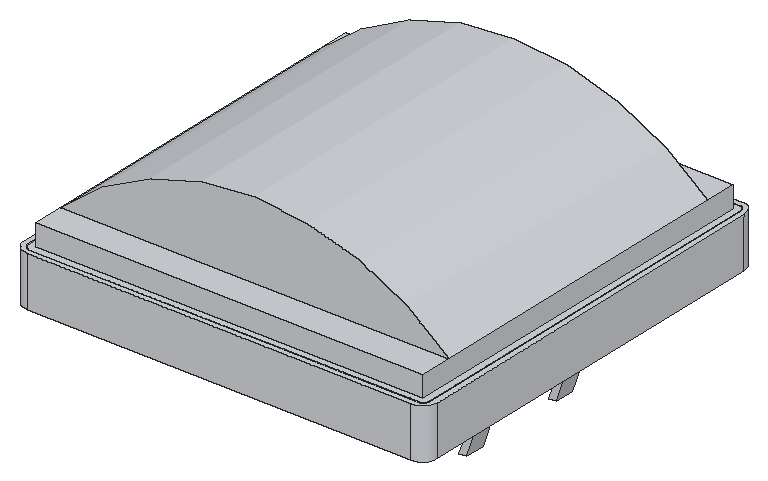
Revit family "Gira_537401", category Electrical Fixtures, host Face, Revit 2017
Family settings
  Host = Face
  Maintain Annotation Orientation = Yes
  Round Connector Dimension = Use Diameter
  Part Type = Normal
  Cut with Voids When Loaded = No
  Shared = No
  Room Calculation Point = No
Parameters (values of type "S3000 motion detec.top 1.10 m Komfort BT System 55 cr.white")
  URL = "http://katalog.gira.de/en/datenblatt.html?artikelnr=537401"
  Name = "S3000 motion detec.top 1.10 m Komfort BT System 55 cr.white"
  Model = "Movement sensor"
  Manufacturer URL = "https://www.gira.de/"
  Manufacturer = "Gira"
  Keynote = ""
  HeinzeBIM = "https://bimportal.heinze.de/bim/s3000-motion-detec-top-1-10-m-komfort-bt-system-55-cr-white/a141a2cecabb5eefa2378ffd239154cf858d1ac0"
  HAN = "537401"
  GTIN = "4010337048336"
  Description = "S3000 mot.det.top 1.10m Kmf BT Sys55 CW,System 3000 motion detector top unit 1.10 m Komfort BT,System 55,cream white glossy,Features:,- Automatic switching of lighting, depending on the movement of heat and ambient brightness.,- Operation with System 3000 switching or dimming insert or 3-wire auxiliary insert.,- Expansion of the detection range in combination with the 3-wire auxiliary insert.,- When connecting a System 3000 auxiliary insert with an operating top unit or mechanical button to the main unit, the lighting can be switched on or dimmed for the duration of the delay time.,- Device facilitates manual switchover between automatic, always-on and always-off.,With System 3000 switching insert:,- Short-term operation,With System 3000 dimming insert:,- Switch on with the last brightness set, or a saved switch-on brightness.,- The switch-on brightness can only be saved permanently via the System 3000 auxiliary insert with operating top unit.,Functions with the Gira Bluetooth app:,- Set the brightness threshold.,- Individually adjustable sensitivity of the two sensors (0, 25, 50, 75, 100 %).,- Set the delay time.,- Override functions: Automatic mode, permanently on off, time-limited on off for 0.5 to 5 hours.,- Occupied-home simulation.,- Switch-off pre-warning.,- Day mode.,- Walking test.,- Switch on with the last brightness set, or a saved switch-on brightness in combination with a dimming insert.,,Notes :,- The detection range is aligned horizontally and when used outdoors may fail to identify a boundary. When installing outdoors, find an appropriate location or use the 2.20 m motion detector top unit."
  Default Elevation = 1219.2 mm
  Data sheet (1) = "https://katalog.gira.de/en/download.html?artikelnr=537401"
  Category = "Sensor element for movement sensor"
  BIM (1) = "https://media.stage.bim.site/public/gira/36a6b08/Bewegungsmelder_1,10m.rfa"
  Available = "No"
Reference planes
  plane 1 "Center (Front/Back)": y = 0
  plane 2: z = 0
  plane 3 "Center (Left/Right)": x = 0
Forms (mm)
  Extrusion 1, solid, detail levels fine
    sketch origin (0, 0, 0) x (1, 0, 0) y (0, 0, 1)
      loop
        line (-33.025, 12.126) -> (33.025, 12.126)
        arc (33.025, 12.126) -> (0, 25.3) -> (-33.025, 12.126) r 47.982
    from -27.6 to 27.6
  Extrusion 2, solid, detail levels fine
    sketch origin (0, 0, 0) x (1, 0, 0) y (0, 1, 0)
      loop
        line (33.025, 33.025) -> (-33.025, 33.025) -> (-33.025, -33.025) -> (33.025, -33.025) -> (33.025, 33.025)
    from 8.55 to 12.126
  Extrusion 3, solid, detail levels fine
    sketch origin (0, 0, 0) x (1, 0, 0) y (0, 1, 0)
      loop
        spline (-32.7, 35.2) -> (-33.027, 35.179) -> (-33.347, 35.115) -> (-33.657, 35.01) -> (-33.95, 34.865) -> (-34.222, 34.683) -> (-34.468, 34.468) -> (-34.683, 34.222) -> (-34.865, 33.95) -> (-35.01, 33.657) -> (-35.115, 33.347) -> (-35.179, 33.027) -> (-35.2, 32.7)
        line (-35.2, 32.7) -> (-35.2, -32.7)
        spline (-35.2, -32.7) -> (-35.179, -33.027) -> (-35.115, -33.347) -> (-35.01, -33.657) -> (-34.865, -33.95) -> (-34.683, -34.222) -> (-34.468, -34.468) -> (-34.222, -34.683) -> (-33.95, -34.865) -> (-33.657, -35.01) -> (-33.347, -35.115) -> (-33.027, -35.179) -> (-32.7, -35.2)
        line (-32.7, -35.2) -> (32.7, -35.2)
        spline (32.7, -35.2) -> (33.027, -35.179) -> (33.347, -35.115) -> (33.657, -35.01) -> (33.95, -34.865) -> (34.222, -34.683) -> (34.468, -34.468) -> (34.683, -34.222) -> (34.865, -33.95) -> (35.01, -33.657) -> (35.115, -33.347) -> (35.179, -33.027) -> (35.2, -32.7)
        line (35.2, -32.7) -> (35.2, 32.7)
        spline (35.2, 32.7) -> (35.179, 33.027) -> (35.115, 33.347) -> (35.01, 33.657) -> (34.865, 33.95) -> (34.683, 34.222) -> (34.468, 34.468) -> (34.222, 34.683) -> (33.95, 34.865) -> (33.657, 35.01) -> (33.347, 35.115) -> (33.027, 35.179) -> (32.7, 35.2)
        line (32.7, 35.2) -> (-32.7, 35.2)
      loop
        line (-34.2, 33.2) -> (-34.2, -33.2)
        spline (-34.2, -33.2) -> (-34.191, -33.331) -> (-34.166, -33.459) -> (-34.124, -33.583) -> (-34.066, -33.7) -> (-33.993, -33.809) -> (-33.907, -33.907) -> (-33.809, -33.993) -> (-33.7, -34.066) -> (-33.583, -34.124) -> (-33.459, -34.166) -> (-33.331, -34.191) -> (-33.2, -34.2)
        line (-33.2, -34.2) -> (33.2, -34.2)
        spline (33.2, -34.2) -> (33.331, -34.191) -> (33.459, -34.166) -> (33.583, -34.124) -> (33.7, -34.066) -> (33.809, -33.993) -> (33.907, -33.907) -> (33.993, -33.809) -> (34.066, -33.7) -> (34.124, -33.583) -> (34.166, -33.459) -> (34.191, -33.331) -> (34.2, -33.2)
        line (34.2, -33.2) -> (34.2, 33.2)
        spline (34.2, 33.2) -> (34.191, 33.331) -> (34.166, 33.459) -> (34.124, 33.583) -> (34.066, 33.7) -> (33.993, 33.809) -> (33.907, 33.907) -> (33.809, 33.993) -> (33.7, 34.066) -> (33.583, 34.124) -> (33.459, 34.166) -> (33.331, 34.191) -> (33.2, 34.2)
        line (33.2, 34.2) -> (-33.2, 34.2)
        spline (-33.2, 34.2) -> (-33.331, 34.191) -> (-33.459, 34.166) -> (-33.583, 34.124) -> (-33.7, 34.066) -> (-33.809, 33.993) -> (-33.907, 33.907) -> (-33.993, 33.809) -> (-34.066, 33.7) -> (-34.124, 33.583) -> (-34.166, 33.459) -> (-34.191, 33.331) -> (-34.2, 33.2)
    from 0 to 8.55
  Extrusion 4, solid, detail levels fine
    sketch origin (0, 0, 0) x (1, 0, 0) y (0, 1, 0)
      loop
        line (-34.2, 33.2) -> (-34.2, -33.2)
        spline (-34.2, -33.2) -> (-34.191, -33.331) -> (-34.166, -33.459) -> (-34.124, -33.583) -> (-34.066, -33.7) -> (-33.993, -33.809) -> (-33.907, -33.907) -> (-33.809, -33.993) -> (-33.7, -34.066) -> (-33.583, -34.124) -> (-33.459, -34.166) -> (-33.331, -34.191) -> (-33.2, -34.2)
        line (-33.2, -34.2) -> (33.2, -34.2)
        spline (33.2, -34.2) -> (33.331, -34.191) -> (33.459, -34.166) -> (33.583, -34.124) -> (33.7, -34.066) -> (33.809, -33.993) -> (33.907, -33.907) -> (33.993, -33.809) -> (34.066, -33.7) -> (34.124, -33.583) -> (34.166, -33.459) -> (34.191, -33.331) -> (34.2, -33.2)
        line (34.2, -33.2) -> (34.2, 33.2)
        spline (34.2, 33.2) -> (34.191, 33.331) -> (34.166, 33.459) -> (34.124, 33.583) -> (34.066, 33.7) -> (33.993, 33.809) -> (33.907, 33.907) -> (33.809, 33.993) -> (33.7, 34.066) -> (33.583, 34.124) -> (33.459, 34.166) -> (33.331, 34.191) -> (33.2, 34.2)
        line (33.2, 34.2) -> (-33.2, 34.2)
        spline (-33.2, 34.2) -> (-33.331, 34.191) -> (-33.459, 34.166) -> (-33.583, 34.124) -> (-33.7, 34.066) -> (-33.809, 33.993) -> (-33.907, 33.907) -> (-33.993, 33.809) -> (-34.066, 33.7) -> (-34.124, 33.583) -> (-34.166, 33.459) -> (-34.191, 33.331) -> (-34.2, 33.2)
    from 6.175 to 8.55
  Extrusion 5, solid, detail levels fine
    sketch origin (0, 0, 0) x (1, 0, 0) y (0, 1, 0)
      loop
        spline (-27.7, -27.1) -> (-27.696, -27.165) -> (-27.683, -27.229) -> (-27.662, -27.291) -> (-27.633, -27.35) -> (-27.597, -27.404) -> (-27.554, -27.454) -> (-27.504, -27.497) -> (-27.45, -27.533) -> (-27.391, -27.562) -> (-27.329, -27.583) -> (-27.265, -27.596) -> (-27.2, -27.6)
        line (-27.2, -27.6) -> (27.2, -27.6)
        spline (27.2, -27.6) -> (27.265, -27.596) -> (27.329, -27.583) -> (27.391, -27.562) -> (27.45, -27.533) -> (27.504, -27.497) -> (27.554, -27.454) -> (27.597, -27.404) -> (27.633, -27.35) -> (27.662, -27.291) -> (27.683, -27.229) -> (27.696, -27.165) -> (27.7, -27.1)
        line (27.7, -27.1) -> (27.7, 27.1)
        spline (27.7, 27.1) -> (27.696, 27.165) -> (27.683, 27.229) -> (27.662, 27.291) -> (27.633, 27.35) -> (27.597, 27.404) -> (27.554, 27.454) -> (27.504, 27.497) -> (27.45, 27.533) -> (27.391, 27.562) -> (27.329, 27.583) -> (27.265, 27.596) -> (27.2, 27.6)
        line (27.2, 27.6) -> (-27.2, 27.6)
        spline (-27.2, 27.6) -> (-27.265, 27.596) -> (-27.329, 27.583) -> (-27.391, 27.562) -> (-27.45, 27.533) -> (-27.504, 27.497) -> (-27.554, 27.454) -> (-27.597, 27.404) -> (-27.633, 27.35) -> (-27.662, 27.291) -> (-27.683, 27.229) -> (-27.696, 27.165) -> (-27.7, 27.1)
        line (-27.7, 27.1) -> (-27.7, -27.1)
      loop
        line (26.9, 26.8) -> (-26.9, 26.8) -> (-26.9, -26.8) -> (26.9, -26.8) -> (26.9, 26.8)
    from 0 to 6.175
  Extrusion 6, solid, detail levels fine
    sketch origin (0, 0, 0) x (1, 0, 0) y (0, 1, 0)
      loop
        line (-15.4, -23.928) -> (15.4, -23.928)
        arc (15.4, -23.928) -> (21.43, -21.43) -> (23.928, -15.4) r 8.528
        line (23.928, -15.4) -> (23.928, 15.4)
        arc (23.928, 15.4) -> (21.43, 21.43) -> (15.4, 23.928) r 8.528
        line (15.4, 23.928) -> (-15.4, 23.928)
        arc (-15.4, 23.928) -> (-21.43, 21.43) -> (-23.928, 15.4) r 8.528
        line (-23.928, 15.4) -> (-23.928, -15.4)
        arc (-23.928, -15.4) -> (-21.43, -21.43) -> (-15.4, -23.928) r 8.528
    from -0.985 to 1.6
  Extrusion 7, solid, detail levels fine
    sketch origin (0, 0, 0) x (1, 0, 0) y (0, 1, 0)
      loop
        line (-26.35, 18.301) -> (-26.35, -18.801)
        spline (-26.35, -18.801) -> (-26.286, -19.78) -> (-26.095, -20.742) -> (-25.779, -21.671) -> (-25.345, -22.551) -> (-24.8, -23.366) -> (-24.154, -24.104) -> (-23.416, -24.75) -> (-22.601, -25.295) -> (-21.721, -25.729) -> (-20.792, -26.045) -> (-19.83, -26.236) -> (-18.851, -26.3)
        line (-18.851, -26.3) -> (18.851, -26.3)
        spline (18.851, -26.3) -> (19.83, -26.236) -> (20.792, -26.045) -> (21.721, -25.729) -> (22.601, -25.295) -> (23.416, -24.75) -> (24.154, -24.104) -> (24.8, -23.366) -> (25.345, -22.551) -> (25.779, -21.671) -> (26.094, -20.742) -> (26.286, -19.78) -> (26.35, -18.801)
        line (26.35, -18.801) -> (26.35, 18.301)
        spline (26.35, 18.301) -> (26.286, 19.28) -> (26.094, 20.242) -> (25.779, 21.171) -> (25.345, 22.051) -> (24.8, 22.866) -> (24.154, 23.604) -> (23.416, 24.25) -> (22.601, 24.795) -> (21.721, 25.229) -> (20.792, 25.545) -> (19.83, 25.736) -> (18.851, 25.8)
        line (18.851, 25.8) -> (-18.851, 25.8)
        spline (-18.851, 25.8) -> (-19.83, 25.736) -> (-20.792, 25.545) -> (-21.721, 25.229) -> (-22.601, 24.795) -> (-23.416, 24.25) -> (-24.154, 23.604) -> (-24.8, 22.866) -> (-25.345, 22.051) -> (-25.779, 21.171) -> (-26.095, 20.242) -> (-26.286, 19.28) -> (-26.35, 18.301)
    from 1.6 to 6.1
  Extrusion 8, solid, detail levels fine
    sketch origin (0, 0, 0) x (1, 0, 0) y (0, 0, 1)
      loop
        line (-23.048, -13.343) -> (-21.665, -13.513) -> (-24.338, -6.363) -> (-23.36, 1.6) -> (-25.023, 1.6) -> (-24.975, -1.121) -> (-25.39, -6.541) -> (-23.048, -13.343)
      loop
        line (23.048, -13.343) -> (25.39, -6.541) -> (24.975, -1.121) -> (25.023, 1.6) -> (23.36, 1.6) -> (24.338, -6.363) -> (21.665, -13.513) -> (23.048, -13.343)
    from 7.9 to 11.14
  Extrusion 9, solid, detail levels fine
    sketch origin (0, 0, 0) x (1, 0, 0) y (0, 0, -1)
      loop
        line (-23.048, 13.343) -> (-25.39, 6.541) -> (-24.975, 1.121) -> (-25.023, -1.6) -> (-23.36, -1.6) -> (-24.338, 6.363) -> (-21.665, 13.513) -> (-23.048, 13.343)
      loop
        line (23.048, 13.343) -> (21.665, 13.513) -> (24.338, 6.363) -> (23.36, -1.6) -> (25.023, -1.6) -> (24.975, 1.121) -> (25.39, 6.541) -> (23.048, 13.343)
    from 7.9 to 11.14
  Extrusion 10, solid, detail levels fine
    sketch origin (0, 0, 0) x (1, 0, 0) y (0, 1, 0)
      loop
        line (-5.141, 20.681) -> (-5.141, 15.099)
        spline (-5.141, 15.099) -> (-5.133, 14.968) -> (-5.107, 14.84) -> (-5.065, 14.716) -> (-5.007, 14.599) -> (-4.935, 14.49) -> (-4.849, 14.391) -> (-4.75, 14.305) -> (-4.641, 14.233) -> (-4.524, 14.175) -> (-4.4, 14.133) -> (-4.272, 14.107) -> (-4.141, 14.099)
        line (-4.141, 14.099) -> (4.141, 14.099)
        spline (4.141, 14.099) -> (4.272, 14.107) -> (4.4, 14.133) -> (4.524, 14.175) -> (4.641, 14.233) -> (4.75, 14.305) -> (4.849, 14.391) -> (4.935, 14.49) -> (5.007, 14.599) -> (5.065, 14.716) -> (5.107, 14.84) -> (5.133, 14.968) -> (5.141, 15.099)
        line (5.141, 15.099) -> (5.141, 20.681)
        spline (5.141, 20.681) -> (5.133, 20.812) -> (5.107, 20.94) -> (5.065, 21.064) -> (5.007, 21.181) -> (4.935, 21.29) -> (4.849, 21.389) -> (4.75, 21.475) -> (4.641, 21.547) -> (4.524, 21.605) -> (4.4, 21.647) -> (4.272, 21.673) -> (4.141, 21.681)
        line (4.141, 21.681) -> (-4.141, 21.681)
        spline (-4.141, 21.681) -> (-4.272, 21.673) -> (-4.4, 21.647) -> (-4.524, 21.605) -> (-4.641, 21.547) -> (-4.75, 21.475) -> (-4.849, 21.389) -> (-4.935, 21.29) -> (-5.007, 21.181) -> (-5.065, 21.064) -> (-5.107, 20.94) -> (-5.133, 20.812) -> (-5.141, 20.681)
    from -17.3 to -0.985
  Extrusion 11, solid, detail levels medium
    sketch origin (0, 0, 0) x (1, 0, 0) y (0, 1, 0)
      loop
        line (33.025, 33.025) -> (-33.025, 33.025) -> (-33.025, -33.025) -> (33.025, -33.025) -> (33.025, 33.025)
    from 8.55 to 25.3
  Extrusion 12, solid, detail levels medium
    sketch origin (0, 0, 0) x (1, 0, 0) y (0, 1, 0)
      loop
        line (-35.2, 35.2) -> (-35.2, -35.2) -> (35.2, -35.2) -> (35.2, 35.2) -> (-35.2, 35.2)
    from 0 to 8.55
  Extrusion 13, solid, detail levels medium
    sketch origin (0, 0, 0) x (1, 0, 0) y (0, 0, 1)
      loop
        line (-25.023, 1.6) -> (-25.023, -13.1) -> (-21.665, -13.513) -> (-21.665, 1.6) -> (-25.023, 1.6)
      loop
        line (25.023, 1.6) -> (21.665, 1.6) -> (21.665, -13.513) -> (25.023, -13.1) -> (25.023, 1.6)
    from 8 to 11.14
  Extrusion 14, solid, detail levels medium
    sketch origin (0, 0, 0) x (1, 0, 0) y (0, 0, -1)
      loop
        line (-25.023, -1.6) -> (-21.665, -1.6) -> (-21.665, 13.513) -> (-25.023, 13.1) -> (-25.023, -1.6)
      loop
        line (25.023, -1.6) -> (25.023, 13.1) -> (21.665, 13.513) -> (21.665, -1.6) -> (25.023, -1.6)
    from 8 to 11.14
  Extrusion 15, solid, detail levels medium
    sketch origin (0, 0, 0) x (1, 0, 0) y (0, 1, 0)
      loop
        line (-5.141, 21.681) -> (-5.141, 14.099) -> (5.141, 14.099) -> (5.141, 21.681) -> (-5.141, 21.681)
    from -17.3 to -0.985
  Extrusion 16, solid, detail levels coarse
    sketch origin (0, 0, 0) x (1, 0, 0) y (0, 1, 0)
      loop
        line (-35.2, 35.2) -> (-35.2, -35.2) -> (35.2, -35.2) -> (35.2, 35.2) -> (-35.2, 35.2)
    from -17.3 to 25.3
Dimensions and locks
  aligned and locked: plane 2 to host face
  aligned and locked: level to host face
  aligned and locked: nested 1 to plane 3 "Center (Left/Right)"
  aligned and locked: plane 1 "Center (Front/Back)" to nested 1
Nested families
  nested 1: "Belegungssensor - Bewegung - Aufputz - Beschriftung" at (0, 0, 0) x (0, -1, 0) z (0, 0, 1), type "Belegungssensor - Bewegung - Aufputz - Beschriftung"
Connectors
  electrical at (0, 0, -17.3)
    settings: on Extrusion 16, index 1, voltage 220 V, apparent load 0 VA, apparent load phase1 0 VA, apparent load phase2 0 VA, apparent load phase3 0 VA, power factor 1, load classification "Other", number of poles 1, system type 30, power factor state 1, is connector primary yes, connector utility no, sub classification motor no, connector description ""
Definition of nested family "Belegungssensor - Bewegung - Aufputz - Beschriftung"
  Reference planes
    plane 1: y = 0
    plane 2: x = 0
  Lines and regions (mm)
    Filled region 1, type "Gefüllter Bereich 1"
      outline origin (143.425, -20.712, 0) x (1, 0, 0) y (0, 1, 0)
        loop
          line (-148.697, 21.204) -> (-148.697, 20.409) -> (-147.583, 20.807) -> (-148.697, 21.204)
    Filled region 2, type "Gefüllter Bereich 1"
      outline origin (141.808, 30.001, 0) x (0.939693, 0.34202, 0) y (-0.34202, 0.939693, 0)
        loop
          line (-148.694, 21.203) -> (-148.694, 20.41) -> (-147.583, 20.807) -> (-148.694, 21.203)
    Filled region 3, type "Gefüllter Bereich 1"
      outline origin (141.819, -29.825, 0) x (-0.34202, -0.939693, 0) y (0.939693, -0.34202, 0)
        loop
          line (21.204, -148.697) -> (20.807, -147.583) -> (20.409, -148.697) -> (21.204, -148.697)
    detail lines
      curve 1: line (-1.207, 0.095, 0) -> (-3.486, 1.411, 0)
      curve 2: line (-1.207, 0.095, 0) -> (-3.486, -1.221, 0)
      curve 5: arc (-3.252, 1.752, 0) -> (-3.839, 0.095, 0) -> (-3.252, -1.562, 0) r 2.632
      curve 6: line (-6, 3, 0) -> (0, 3, 0)
      curve 7: line (-6, -3, 0) -> (-6, 3, 0)
      curve 8: line (0, -3, 0) -> (-6, -3, 0)
      curve 9: line (0, 3, 0) -> (0, -3, 0)
    reference lines
      curve 3: line (-1.207, 0.095, 0) -> (-3.616, 2.046, 0)
      curve 4: line (-1.207, 0.095, 0) -> (-3.616, -1.856, 0)
  Dimensions and locks
    curve 1 to curve 1 = 2.632 mm
    curve 2 to curve 2 = 2.632 mm
    curve 6 to curve 8 = 6 mm
    curve 7 to curve 9 = 6 mm
    angle curve 1 to curve 2 = 60.00°
    aligned and locked: curve 6 to curve 7
    aligned and locked: curve 9 to curve 9
